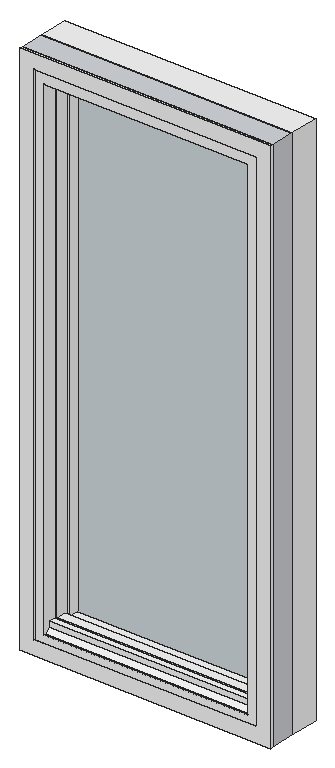
Revit family "085000 - Windows - Casement or Awning", category Generic Models, host Wall, Revit 2020 (continued)
Definition of nested family "Andersen_Sash_Panel"
  Automatic sketch dimensions
    curve 7 to plane 7 "Glazing Bottom" = 0' - 0"
    curve 4 to plane 7 "Glazing Bottom" = 0' - 0"
    curve 8 to plane 7 "Glazing Bottom" = 0' - 0"
  Nested families (in)
    nested 1: "Andersen_Grille_Bar" at (12.11458, 0.65234, 11.375) x (1, 0, 0) z (0, -1, 0), Bar Width <- "GrilleBarSize", Bar Length <- "BarLengthVertical", visible <- "MultipleVertBar Visibility", type "Andersen_Grille_Bar"
      with Center Line Length 1' - 7 13/16", Center Line 1, Bar Width 0' - 0 7/8", Bar Length 1' - 7 3/8"
    nested 2: "Andersen_Grille_Bar" at (22.91667, 0.65234, 11.375) x (1, 0, 0) z (0, -1, 0), Bar Width <- "GrilleBarSize", Bar Length <- "BarLengthVertical", visible <- "MultipleVertBar Visibility", type "Andersen_Grille_Bar"
      with Center Line Length 1' - 7 13/16", Center Line 1, Bar Width 0' - 0 7/8", Bar Length 1' - 7 3/8"
    nested 3: "Andersen_Grille_Bar" at (17.51562, 0.65234, 11.375) x (1, 0, 0) z (0, -1, 0), Bar Width <- "GrilleBarSize", visible <- "SingleVertBarVisibility", Bar Length <- "BarLengthVertical", type "Andersen_Grille_Bar"
      with Center Line Length 1' - 7 13/16", Center Line 1, Bar Width 0' - 0 7/8", Bar Length 1' - 7 3/8"
    nested 4: "Andersen_Grille_Bar" at (17.51563, 0.65234, 11.375) x (0, 0, -1) z (0, -1, 0), Bar Width <- "GrilleBarSize", Bar Length <- "BarLengthHorizontal", visible <- "SingleHorBarVisibility", type "Andersen_Grille_Bar"
      with Center Line Length 2' - 7 31/32", Center Line 1, Bar Width 0' - 0 7/8", Bar Length 2' - 7 17/32"
    nested 5: "Andersen_Grille_Bar" at (17.51562, 0.65234, 8) x (0, 0, 1) z (0, -1, 0), Bar Width <- "GrilleBarSize", Bar Length <- "BarLengthHorizontal", visible <- "MultipleHorBarVisibility", type "Andersen_Grille_Bar"
      with Center Line Length 2' - 7 31/32", Center Line 1, Bar Width 0' - 0 7/8", Bar Length 2' - 7 17/32"
    nested 6: "Andersen_Grille_Bar" at (17.51562, 0.65234, 14.75) x (0, 0, 1) z (0, -1, 0), Bar Width <- "GrilleBarSize", Bar Length <- "BarLengthHorizontal", visible <- "MultipleHorBarVisibility", type "Andersen_Grille_Bar"
      with Center Line Length 2' - 7 31/32", Center Line 1, Bar Width 0' - 0 7/8", Bar Length 2' - 7 17/32"
    nested 7: "Andersen_Grille_Bar" at (17.51563, 0.65234, 16.4375) x (0, 0, -1) z (0, -1, 0), Bar Width <- "GrilleBarSize", Bar Length <- "BarLengthHorizontal", visible <- "S H Fractional", type "Andersen_Grille_Bar"
      with Center Line Length 2' - 7 31/32", Center Line 1, Bar Width 0' - 0 7/8", Bar Length 2' - 7 17/32"
  Definition of nested family "Andersen_Grille_Bar"
    Parameters (values of type "Andersen_Grille_Bar")
      Interior Bar Visibility = yes
      Interior Bar Thickness = 0' - 0 27/128"
      Interior Bar Material = none
      Glass Pane Thickness = 0' - 0 1/8"
      Glass OA Thickness = 0' - 0 5/8"
      Exterior Bar Visibility = yes
      Exterior Bar Thickness = 0' - 0 27/128"
      Exterior Bar Finish = none
      Default Elevation = 4' - 0"
      Center Line Length [instance] = if(Center Line = 1, Bar Length + (Bar Width / 2), Bar Length)  # 0' - 4 7/16"
      Center Line [instance] = 1
      Between Glass Bar Visibility = yes
      Between Glass Bar Finish = none
      Bar Width [instance] = 0' - 0 7/8"
      Bar Length [instance] = 0' - 4"
    Reference planes (in)
      plane 1 "Center (Front/Back)": y = 0
      plane 2 "a": z = 0
      plane 3 "Center (Left/Right)": x = 0
      plane 4 "1": x = -0.4375
      plane 5 "2": x = 0.4375
      plane 6: y = 2
      plane 7: y = -2
      plane 8 "b": z = -0.625
      plane 9: y = -2.4375
      plane 10 "a1": z = 12
      plane 11 "a2": z = -12
    Forms (in)
      Extrusion 1, solid
        sketch origin (0, 0, 0) x (1, 0, 0) y (0, 1, 0)
          loop
            line (-48, 48) -> (-48, -48) -> (48, -48) -> (48, 48) -> (-48, 48)
        from 0 to -12
      Extrusion 2, solid, material <- "Exterior Bar Finish", visible <- "Exterior Bar Visibility"
        sketch origin (0, 0, 0) x (1, 0, 0) y (0, 1, 0)
          loop
            line (-0.4375, 2) -> (-0.4375, -2) -> (0.4375, -2) -> (0.4375, 2) -> (-0.4375, 2)
        from 0 to 0.21094
      Extrusion 3, solid, material <- "Between Glass Bar Finish", visible <- "Between Glass Bar Visibility"
        sketch origin (0, 0, 0) x (1, 0, 0) y (0, 1, 0)
          loop
            line (-0.4375, 2) -> (-0.4375, -2) -> (0.4375, -2) -> (0.4375, 2) -> (-0.4375, 2)
        from -0.5 to -0.125
      Extrusion 4, solid, material <- "Interior Bar Material", visible <- "Interior Bar Visibility"
        sketch origin (0, 0, 0) x (1, 0, 0) y (0, 1, 0)
          loop
            line (-0.4375, 2) -> (-0.4375, -2) -> (0.4375, -2) -> (0.4375, 2) -> (-0.4375, 2)
        from -0.83594 to -0.625
    Lines and regions (in)
      model lines, detail levels coarse+medium
        curve 1: line (0, 2, 0) -> (0, -2.4375, 0)
      symbolic lines, detail levels coarse+medium
        curve 2: line (0, 2, 12) -> (0, -2.4375, 12)
    Dimensions and locks (in)
      "Glass OA Thickness": plane 2 "a" to plane 8 "b"
      "Exterior Bar Thickness": Extrusion 2 to Extrusion 2
      "Interior Bar Thickness": plane 8 "b" to Extrusion 4
      equal spacing: plane 4 "1", plane 3 "Center (Left/Right)", plane 5 "2"
      equal spacing: plane 6, plane 1 "Center (Front/Back)", plane 7
      "Bar Width": plane 4 "1" to plane 5 "2"
      "Bar Length": plane 6 to plane 7
      "Center Line Length": plane 6 to plane 9
      locked: plane 10 "a1" to plane 2 "a" at 12
      locked: plane 2 "a" to plane 11 "a2" at 12
      "Glass Pane Thickness": Extrusion 3 to plane 8 "b"
      "Glass Pane Thickness": plane 2 "a" to Extrusion 3
      aligned and locked: plane 2 "a" to Extrusion 1
      aligned and locked: level to Extrusion 1
      aligned and locked: Extrusion 2 to plane 2 "a"
      aligned and locked: Extrusion 2 to plane 4 "1"
      aligned and locked: plane 5 "2" to Extrusion 2
      aligned and locked: plane 6 to Extrusion 2
      aligned and locked: Extrusion 2 to plane 7
      aligned and locked: Extrusion 3 to plane 4 "1"
      aligned and locked: plane 5 "2" to Extrusion 3
      aligned and locked: plane 6 to Extrusion 3
      aligned and locked: Extrusion 3 to plane 7
      aligned and locked: plane 8 "b" to Extrusion 4
      aligned and locked: Extrusion 4 to plane 4 "1"
      aligned and locked: plane 5 "2" to Extrusion 4
      aligned and locked: plane 6 to Extrusion 4
      aligned and locked: Extrusion 4 to plane 7
      aligned and locked: plane 6 to curve 1
      aligned and locked: plane 9 to curve 1
      aligned and locked: curve 1 to plane 3 "Center (Left/Right)"
      aligned and locked: plane 6 to curve 2
      aligned and locked: plane 9 to curve 2
      aligned and locked: curve 2 to plane 3 "Center (Left/Right)"
    Automatic sketch dimensions
      Extrusion 1 sketch curve to Extrusion 1 sketch curve = 8' - 0"  (x2)
      plane 7 to Extrusion 2 sketch curve = 0' - 0"
      Extrusion 2 sketch curve to plane 5 "2" = 0' - 0 7/8"
      Extrusion 2 sketch curve to plane 6 = 0' - 0"
      Extrusion 2 sketch curve to Extrusion 2 sketch curve = 0' - 0 7/8"
      plane 7 to Extrusion 3 sketch curve = 0' - 0"
      Extrusion 3 sketch curve to plane 5 "2" = 0' - 0 7/8"
      Extrusion 3 sketch curve to plane 6 = 0' - 0"
      Extrusion 3 sketch curve to Extrusion 3 sketch curve = 0' - 0 7/8"
      Extrusion 4 sketch curve to plane 7 = 0' - 0"
      Extrusion 4 sketch curve to plane 5 "2" = 0' - 0 7/8"
      Extrusion 4 sketch curve to plane 6 = 0' - 0"
      Extrusion 4 sketch curve to Extrusion 4 sketch curve = 0' - 0 7/8"
